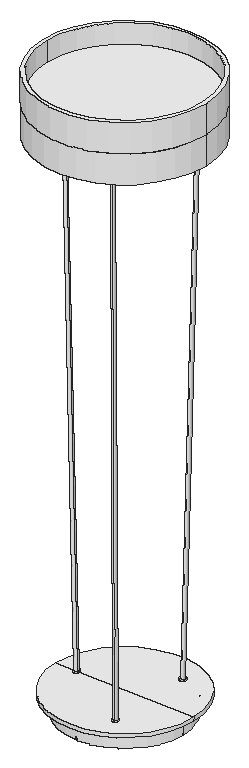
Revit family "DEEP FOCUS ROUND LIGHT", category Lighting Fixtures, host Face, Revit 2020 (continued)
Types (13): name | Wattage Comments | Wattage | Surface Mount | Photometric Web File | Order number | built-in parameter 1150142 | Model | built-in parameter 1150105 | Lumens | built-in parameter 1150106 | Fixture Diameter | Finish/Color | D2 | D1 | Apparent Load | Aircraft Cable Pendant Mount
  DFRD12-15-40901-SMK | "15 W" | 8.61709 W | yes | "DFRD12_15_XX901.IES" | "16827" | "﻿IESNA:LM-63-2002\r\n[TEST] \r\n[DATE] 2023-08-19\r\n[MANUFAC] Aboveall lighting\r\n[LUMCAT] \r\n[LUMINAIRE] DFRD12-15-XX901\r\n[LAMPCAT] \r\n[LAMP] \r\nTILT=NONE\r\n1 1353.7 0.7 91 13 1 2 0.30 0.30 0.10\r\n1 1 15.8\r\n0. 1. 2. 3. 4. 5. 6. 7. 8. 9. 10. 11. 12. 13. 14. 15. 16. 17. 18. 19. 20. 21. 22. 23. 24. 25. 26. 27. 28. 29. 30. 31. 32. 33. 34. 35. 36. 37. 38. 39. 40. 41. 42. 43. 44. 45. 46. 47. 48. 49. 50. 51. 52. 53. 54. 55. 56. 57. 58. 59. 60. 61. 62. 63. 64. 65. 66. 67. 68. 69. 70. 71. 72. 73. 74. 75. 76. 77. 78. 79. 80. 81. 82. 83. 84. 85. 86. 87. 88. 89. 90. \r\n0. 30. 60. 90. 120. 150. 180. 210. 240. 270. 300. 330. 360. \r\n711.917 711.59 709.82 709.82 706.634 705.218 703.802 700.969 697.429 695.659 691.765 689.641 684.684 679.728 676.896 671.231 665.213 658.84 655.3 648.22 644.68 636.891 628.394 624.5 615.295 611.047 601.842 597.24 587.681 577.769 572.812 562.192 557.235 546.261 534.932 529.267 517.939 511.92 499.883 494.219 481.828 469.437 462.357 449.612 436.867 430.14 417.041 403.234 396.508 383.055 369.248 362.168 348.29 334.341 327.261 313.241 306.161 292.071 277.556 270.263 255.075 247.994 234.577 219.495 212.38 198.289 191.173 177.402 170.498 156.691 143.026 136.229 122.988 116.51 103.694 77.0 77.0 72.504 60.751 54.343 43.297 32.606 27.402 17.347 8.39 4.567 0.637 0.708 0.743 0.814 0.885 \r\n711.917 711.236 710.528 709.466 709.112 707.342 705.218 703.802 700.969 699.553 694.243 689.995 689.995 685.392 680.436 677.604 675.126 669.461 663.089 656.362 653.176 646.096 642.201 634.413 626.27 618.128 613.525 604.675 599.718 590.514 580.601 575.645 565.732 560.422 549.447 537.764 532.454 520.771 515.106 497.051 491.387 485.368 472.623 466.605 453.86 447.488 434.389 414.563 408.191 401.11 394.384 380.931 366.77 358.981 345.528 331.474 324.464 310.409 296.142 274.83 274.83 260.421 253.305 238.931 224.806 217.69 203.494 196.59 182.606 168.728 161.86 148.159 140.654 127.201 120.581 107.553 88.648 88.648 76.115 70.168 58.556 47.298 41.775 31.048 20.817 15.931 7.576 4.496 0.248 0.212 0.212 \r\n711.917 711.944 711.59 711.236 710.174 709.82 708.404 707.342 705.218 702.74 700.969 697.783 694.243 692.119 687.871 682.914 680.436 675.126 669.461 666.275 659.903 653.176 649.636 646.096 638.661 630.872 622.022 617.774 608.923 604.321 595.116 585.203 580.247 570.334 565.378 554.757 549.447 538.472 526.789 521.125 509.442 503.424 491.387 479.35 472.269 459.878 447.134 440.761 427.662 414.563 407.837 394.384 387.303 373.85 360.043 346.307 339.368 325.561 318.587 304.32 290.053 282.866 267.501 260.421 246.189 239.144 225.195 211.034 204.025 189.934 183.031 169.118 162.391 148.903 135.415 128.688 115.695 102.95 102.95 84.258 72.292 66.344 54.06 48.289 46.944 27.083 16.993 12.355 2.16 0.248 0.212 \r\n711.917 711.59 710.882 709.82 709.112 707.342 704.864 703.802 700.969 697.429 695.659 691.411 687.162 684.684 679.374 674.064 671.231 665.213 662.027 655.3 648.22 644.68 636.891 632.997 624.854 620.606 611.755 602.905 597.948 588.035 583.079 573.166 562.9 557.589 546.969 541.304 530.329 518.647 512.628 500.945 488.909 482.89 470.499 458.108 451.736 438.991 425.538 419.166 405.005 391.198 384.471 371.018 364.646 350.272 343.263 329.243 315.33 308.214 294.159 287.008 272.882 258.544 251.358 237.161 230.116 215.955 201.051 194.112 180.376 173.508 159.736 146.142 139.521 126.139 113.146 106.632 76.894 76.894 75.372 63.583 52.219 46.59 35.615 30.305 20.038 10.125 6.266 0.885 0.549 0.212 0.212 \r\n711.917 712.298 712.298 711.59 710.528 709.466 708.758 706.634 705.572 702.74 701.323 697.783 693.889 692.119 689.995 685.392 680.436 674.772 671.939 665.921 662.735 656.008 648.928 645.742 641.847 634.059 625.916 617.066 612.817 603.259 594.054 589.098 579.185 569.272 563.962 553.341 548.031 536.702 525.373 519.355 507.672 495.635 489.617 477.58 471.207 458.816 445.717 439.345 425.538 419.166 405.359 391.906 385.179 371.372 364.646 350.874 344.006 329.951 315.932 308.71 294.62 280.246 272.953 258.686 244.454 237.515 223.354 208.379 201.334 187.35 173.366 166.569 152.939 146.283 132.795 119.625 113.146 100.437 100.437 81.78 69.814 63.972 52.396 46.625 35.367 30.623 20.286 10.267 1.168 0.248 0.177 \r\n711.917 712.298 711.59 710.882 709.466 707.696 706.634 704.156 702.74 699.553 697.783 693.889 689.641 687.162 682.56 680.082 674.418 668.399 665.213 658.84 655.654 645.033 641.139 637.245 624.854 620.252 616.003 606.799 597.594 592.992 583.079 573.166 567.856 557.589 546.615 540.95 529.621 523.957 512.628 506.256 488.554 482.182 475.81 463.419 457.046 443.239 430.14 423.414 410.315 403.234 389.782 382.701 368.894 355.087 341.174 327.19 320.039 312.993 291.54 284.424 277.308 262.828 247.57 240.348 226.08 211.884 204.803 183.704 183.704 169.861 155.983 142.389 135.698 128.9 115.802 102.844 90.17 77.567 77.567 65.601 59.83 42.271 36.783 31.402 16.179 16.179 7.576 1.876 0.177 0.177 0.177 \r\n711.917 713.006 713.006 713.006 712.298 711.944 710.528 709.82 708.05 705.572 704.156 701.323 699.553 696.013 691.765 689.995 684.684 679.728 676.896 671.231 668.399 662.027 655.3 648.22 644.325 636.891 628.394 624.5 624.5 611.401 602.196 592.638 587.681 577.061 572.104 561.838 556.173 545.552 533.87 528.205 516.522 510.858 498.821 486.784 480.412 468.021 461.649 448.55 435.805 429.078 415.625 402.172 395.092 380.577 366.77 359.689 345.847 332.005 324.783 310.445 303.293 296.106 274.157 266.935 252.526 245.375 231.037 216.663 209.512 202.361 188.306 173.26 159.488 152.691 138.919 132.051 118.882 112.332 105.889 86.878 80.824 68.681 56.892 51.015 46.767 29.49 24.322 14.657 4.071 0.248 0.177 \r\n711.917 711.236 711.236 710.528 710.174 708.404 706.634 705.572 703.094 700.261 698.491 694.951 691.057 688.579 684.33 679.02 676.542 670.877 667.691 661.673 654.946 654.946 644.325 639.723 631.935 623.792 619.19 610.693 606.091 601.488 587.327 582.371 572.458 567.502 556.881 551.217 540.242 528.913 523.249 511.566 498.821 493.511 480.412 468.021 461.649 455.276 435.805 429.078 415.625 409.253 395.8 381.993 374.912 361.105 347.157 340.324 326.128 326.128 304.709 290.407 283.114 267.926 260.669 246.366 239.179 224.983 210.822 203.812 189.722 182.712 168.764 155.028 148.159 134.636 121.395 114.775 102.03 89.533 83.444 76.505 58.804 53.068 46.66 31.19 25.915 16.002 11.4 3.576 0.779 0.743 0.779 \r\n711.917 711.236 710.174 709.466 708.05 705.926 704.864 702.032 700.615 697.429 695.659 691.411 684.684 684.684 679.374 673.71 670.877 664.859 658.486 654.946 647.866 640.431 636.537 628.394 620.252 615.649 606.799 602.196 592.992 583.079 577.769 567.856 562.192 551.925 540.242 534.224 522.895 517.23 499.529 499.529 487.138 474.747 468.729 455.984 449.612 436.513 423.414 416.687 402.88 389.427 382.347 367.832 353.883 346.944 332.783 318.693 311.648 297.487 283.008 275.644 261.306 254.332 239.887 225.691 218.54 204.449 197.369 183.35 176.481 162.604 147.982 141.114 127.803 121.218 108.261 77.39 77.39 76.611 70.628 58.839 47.475 41.846 31.013 20.427 15.577 6.974 0.85 0.602 0.673 0.743 0.779 \r\n711.917 711.944 711.944 711.236 710.174 709.466 707.696 706.634 704.156 702.74 699.907 696.367 694.243 689.995 687.871 683.268 678.312 675.48 669.461 666.629 660.257 657.07 649.636 642.555 634.413 630.518 630.518 612.817 608.569 599.364 589.806 584.849 574.937 564.316 559.005 548.385 542.72 531.391 525.727 514.044 502.361 495.635 483.952 477.934 465.543 452.444 445.009 432.264 425.538 412.085 405.359 391.906 377.745 371.018 357.211 343.475 336.359 322.34 307.896 300.85 286.371 272.104 264.952 250.685 235.533 228.452 214.185 207.282 193.227 179.278 172.269 165.4 151.629 138.105 124.758 118.209 105.358 105.358 86.524 80.328 68.291 56.467 50.626 47.085 33.42 22.87 13.205 4.992 0.779 0.743 0.814 \r\n711.917 711.944 710.882 709.466 708.758 706.988 704.51 703.094 699.907 696.367 694.243 689.995 687.871 683.268 677.958 675.126 669.461 666.629 659.903 653.176 649.636 642.201 634.413 630.165 625.916 617.42 608.569 603.967 594.762 589.452 579.539 569.272 563.962 553.341 542.366 536.702 525.373 513.69 507.672 495.989 483.598 477.226 464.835 452.09 445.717 432.619 425.184 411.731 398.278 391.552 377.745 370.664 356.857 349.954 335.863 321.809 314.764 300.603 293.31 278.901 264.421 257.412 235.958 235.958 220.876 206.715 199.635 185.721 171.879 164.94 151.239 137.574 130.918 117.89 104.862 77.319 77.319 73.566 67.583 55.901 50.165 38.978 28.11 22.87 12.603 8.355 1.947 0.637 0.673 0.743 0.814 \r\n711.917 712.298 711.944 711.59 710.528 709.112 708.404 705.926 703.448 702.032 698.845 695.305 693.181 688.579 686.454 681.498 676.188 673.356 667.337 660.965 657.424 650.698 647.158 639.723 635.475 627.332 618.836 614.587 609.985 601.134 591.576 581.309 575.999 565.732 560.422 549.801 538.826 533.162 521.479 509.796 503.778 491.741 479.35 473.331 460.941 447.842 441.469 428.37 414.917 414.917 393.676 386.949 373.142 366.416 352.573 338.625 331.474 317.49 310.267 296.071 281.521 274.476 260.031 252.915 238.648 231.639 217.513 203.387 196.413 182.323 174.534 160.727 147.027 133.609 126.989 113.819 101.11 101.11 82.523 70.522 64.716 53.104 47.369 36.5 25.95 25.95 10.869 3.646 0.814 0.779 0.885 \r\n711.917 711.59 709.82 709.82 706.634 705.218 703.802 700.969 697.429 695.659 691.765 689.641 684.684 679.728 676.896 671.231 665.213 658.84 655.3 648.22 644.68 636.891 628.394 624.5 615.295 611.047 601.842 597.24 587.681 577.769 572.812 562.192 557.235 546.261 534.932 529.267 517.939 511.92 499.883 494.219 481.828 469.437 462.357 449.612 436.867 430.14 417.041 403.234 396.508 383.055 369.248 362.168 348.29 334.341 327.261 313.241 306.161 292.071 277.556 270.263 255.075 247.994 234.577 219.495 212.38 198.289 191.173 177.402 170.498 156.691 143.026 136.229 122.988 116.51 103.694 77.0 77.0 72.504 60.751 54.343 43.297 32.606 27.402 17.347 8.39 4.567 0.637 0.708 0.743 0.814 0.885 \r\n" | "DFRD12-15-40901-SMK" | 101.86 (stored number, unit not read) | 1280 lm | 1.0186 (stored number, unit not read) | 0' - 11 103/128" | White-PMMA Aluminum | 0' - 4 103/256" | 0' - 5 231/256" | 18.75 VA | no
  DFRD16-20-40901-SMK | "20 W" | 11.4446 W | yes | "DFRD16_20_XX901.IES" | "16828" | "﻿IESNA:LM-63-2002\r\n[TEST] \r\n[DATE] 2019-08-21\r\n[MANUFAC] Aboveall lighting\r\n[LUMCAT] \r\n[LUMINAIRE] DFRD16-20-30901\r\n[LAMPCAT] \r\n[LAMP] 2835，3000K\r\nTILT=NONE\r\n1 1786.4 0.92 91 13 1 2 0.40 0.40 0.08\r\n1 1 20.3\r\n0. 1. 2. 3. 4. 5. 6. 7. 8. 9. 10. 11. 12. 13. 14. 15. 16. 17. 18. 19. 20. 21. 22. 23. 24. 25. 26. 27. 28. 29. 30. 31. 32. 33. 34. 35. 36. 37. 38. 39. 40. 41. 42. 43. 44. 45. 46. 47. 48. 49. 50. 51. 52. 53. 54. 55. 56. 57. 58. 59. 60. 61. 62. 63. 64. 65. 66. 67. 68. 69. 70. 71. 72. 73. 74. 75. 76. 77. 78. 79. 80. 81. 82. 83. 84. 85. 86. 87. 88. 89. 90. \r\n0. 30. 60. 90. 120. 150. 180. 210. 240. 270. 300. 330. 360. \r\n711.917 711.59 709.82 709.82 706.634 705.218 703.802 700.969 697.429 695.659 691.765 689.641 684.684 679.728 676.896 671.231 665.213 658.84 655.3 648.22 644.68 636.891 628.394 624.5 615.295 611.047 601.842 597.24 587.681 577.769 572.812 562.192 557.235 546.261 534.932 529.267 517.939 511.92 499.883 494.219 481.828 469.437 462.357 449.612 436.867 430.14 417.041 403.234 396.508 383.055 369.248 362.168 348.29 334.341 327.261 313.241 306.161 292.071 277.556 270.263 255.075 247.994 234.577 219.495 212.38 198.289 191.173 177.402 170.498 156.691 143.026 136.229 122.988 116.51 103.694 77.0 77.0 72.504 60.751 54.343 43.297 32.606 27.402 17.347 8.39 4.567 0.637 0.708 0.743 0.814 0.885 \r\n711.917 711.236 710.528 709.466 709.112 707.342 705.218 703.802 700.969 699.553 694.243 689.995 689.995 685.392 680.436 677.604 675.126 669.461 663.089 656.362 653.176 646.096 642.201 634.413 626.27 618.128 613.525 604.675 599.718 590.514 580.601 575.645 565.732 560.422 549.447 537.764 532.454 520.771 515.106 497.051 491.387 485.368 472.623 466.605 453.86 447.488 434.389 414.563 408.191 401.11 394.384 380.931 366.77 358.981 345.528 331.474 324.464 310.409 296.142 274.83 274.83 260.421 253.305 238.931 224.806 217.69 203.494 196.59 182.606 168.728 161.86 148.159 140.654 127.201 120.581 107.553 88.648 88.648 76.115 70.168 58.556 47.298 41.775 31.048 20.817 15.931 7.576 4.496 0.248 0.212 0.212 \r\n711.917 711.944 711.59 711.236 710.174 709.82 708.404 707.342 705.218 702.74 700.969 697.783 694.243 692.119 687.871 682.914 680.436 675.126 669.461 666.275 659.903 653.176 649.636 646.096 638.661 630.872 622.022 617.774 608.923 604.321 595.116 585.203 580.247 570.334 565.378 554.757 549.447 538.472 526.789 521.125 509.442 503.424 491.387 479.35 472.269 459.878 447.134 440.761 427.662 414.563 407.837 394.384 387.303 373.85 360.043 346.307 339.368 325.561 318.587 304.32 290.053 282.866 267.501 260.421 246.189 239.144 225.195 211.034 204.025 189.934 183.031 169.118 162.391 148.903 135.415 128.688 115.695 102.95 102.95 84.258 72.292 66.344 54.06 48.289 46.944 27.083 16.993 12.355 2.16 0.248 0.212 \r\n711.917 711.59 710.882 709.82 709.112 707.342 704.864 703.802 700.969 697.429 695.659 691.411 687.162 684.684 679.374 674.064 671.231 665.213 662.027 655.3 648.22 644.68 636.891 632.997 624.854 620.606 611.755 602.905 597.948 588.035 583.079 573.166 562.9 557.589 546.969 541.304 530.329 518.647 512.628 500.945 488.909 482.89 470.499 458.108 451.736 438.991 425.538 419.166 405.005 391.198 384.471 371.018 364.646 350.272 343.263 329.243 315.33 308.214 294.159 287.008 272.882 258.544 251.358 237.161 230.116 215.955 201.051 194.112 180.376 173.508 159.736 146.142 139.521 126.139 113.146 106.632 76.894 76.894 75.372 63.583 52.219 46.59 35.615 30.305 20.038 10.125 6.266 0.885 0.549 0.212 0.212 \r\n711.917 712.298 712.298 711.59 710.528 709.466 708.758 706.634 705.572 702.74 701.323 697.783 693.889 692.119 689.995 685.392 680.436 674.772 671.939 665.921 662.735 656.008 648.928 645.742 641.847 634.059 625.916 617.066 612.817 603.259 594.054 589.098 579.185 569.272 563.962 553.341 548.031 536.702 525.373 519.355 507.672 495.635 489.617 477.58 471.207 458.816 445.717 439.345 425.538 419.166 405.359 391.906 385.179 371.372 364.646 350.874 344.006 329.951 315.932 308.71 294.62 280.246 272.953 258.686 244.454 237.515 223.354 208.379 201.334 187.35 173.366 166.569 152.939 146.283 132.795 119.625 113.146 100.437 100.437 81.78 69.814 63.972 52.396 46.625 35.367 30.623 20.286 10.267 1.168 0.248 0.177 \r\n711.917 712.298 711.59 710.882 709.466 707.696 706.634 704.156 702.74 699.553 697.783 693.889 689.641 687.162 682.56 680.082 674.418 668.399 665.213 658.84 655.654 645.033 641.139 637.245 624.854 620.252 616.003 606.799 597.594 592.992 583.079 573.166 567.856 557.589 546.615 540.95 529.621 523.957 512.628 506.256 488.554 482.182 475.81 463.419 457.046 443.239 430.14 423.414 410.315 403.234 389.782 382.701 368.894 355.087 341.174 327.19 320.039 312.993 291.54 284.424 277.308 262.828 247.57 240.348 226.08 211.884 204.803 183.704 183.704 169.861 155.983 142.389 135.698 128.9 115.802 102.844 90.17 77.567 77.567 65.601 59.83 42.271 36.783 31.402 16.179 16.179 7.576 1.876 0.177 0.177 0.177 \r\n711.917 713.006 713.006 713.006 712.298 711.944 710.528 709.82 708.05 705.572 704.156 701.323 699.553 696.013 691.765 689.995 684.684 679.728 676.896 671.231 668.399 662.027 655.3 648.22 644.325 636.891 628.394 624.5 624.5 611.401 602.196 592.638 587.681 577.061 572.104 561.838 556.173 545.552 533.87 528.205 516.522 510.858 498.821 486.784 480.412 468.021 461.649 448.55 435.805 429.078 415.625 402.172 395.092 380.577 366.77 359.689 345.847 332.005 324.783 310.445 303.293 296.106 274.157 266.935 252.526 245.375 231.037 216.663 209.512 202.361 188.306 173.26 159.488 152.691 138.919 132.051 118.882 112.332 105.889 86.878 80.824 68.681 56.892 51.015 46.767 29.49 24.322 14.657 4.071 0.248 0.177 \r\n711.917 711.236 711.236 710.528 710.174 708.404 706.634 705.572 703.094 700.261 698.491 694.951 691.057 688.579 684.33 679.02 676.542 670.877 667.691 661.673 654.946 654.946 644.325 639.723 631.935 623.792 619.19 610.693 606.091 601.488 587.327 582.371 572.458 567.502 556.881 551.217 540.242 528.913 523.249 511.566 498.821 493.511 480.412 468.021 461.649 455.276 435.805 429.078 415.625 409.253 395.8 381.993 374.912 361.105 347.157 340.324 326.128 326.128 304.709 290.407 283.114 267.926 260.669 246.366 239.179 224.983 210.822 203.812 189.722 182.712 168.764 155.028 148.159 134.636 121.395 114.775 102.03 89.533 83.444 76.505 58.804 53.068 46.66 31.19 25.915 16.002 11.4 3.576 0.779 0.743 0.779 \r\n711.917 711.236 710.174 709.466 708.05 705.926 704.864 702.032 700.615 697.429 695.659 691.411 684.684 684.684 679.374 673.71 670.877 664.859 658.486 654.946 647.866 640.431 636.537 628.394 620.252 615.649 606.799 602.196 592.992 583.079 577.769 567.856 562.192 551.925 540.242 534.224 522.895 517.23 499.529 499.529 487.138 474.747 468.729 455.984 449.612 436.513 423.414 416.687 402.88 389.427 382.347 367.832 353.883 346.944 332.783 318.693 311.648 297.487 283.008 275.644 261.306 254.332 239.887 225.691 218.54 204.449 197.369 183.35 176.481 162.604 147.982 141.114 127.803 121.218 108.261 77.39 77.39 76.611 70.628 58.839 47.475 41.846 31.013 20.427 15.577 6.974 0.85 0.602 0.673 0.743 0.779 \r\n711.917 711.944 711.944 711.236 710.174 709.466 707.696 706.634 704.156 702.74 699.907 696.367 694.243 689.995 687.871 683.268 678.312 675.48 669.461 666.629 660.257 657.07 649.636 642.555 634.413 630.518 630.518 612.817 608.569 599.364 589.806 584.849 574.937 564.316 559.005 548.385 542.72 531.391 525.727 514.044 502.361 495.635 483.952 477.934 465.543 452.444 445.009 432.264 425.538 412.085 405.359 391.906 377.745 371.018 357.211 343.475 336.359 322.34 307.896 300.85 286.371 272.104 264.952 250.685 235.533 228.452 214.185 207.282 193.227 179.278 172.269 165.4 151.629 138.105 124.758 118.209 105.358 105.358 86.524 80.328 68.291 56.467 50.626 47.085 33.42 22.87 13.205 4.992 0.779 0.743 0.814 \r\n711.917 711.944 710.882 709.466 708.758 706.988 704.51 703.094 699.907 696.367 694.243 689.995 687.871 683.268 677.958 675.126 669.461 666.629 659.903 653.176 649.636 642.201 634.413 630.165 625.916 617.42 608.569 603.967 594.762 589.452 579.539 569.272 563.962 553.341 542.366 536.702 525.373 513.69 507.672 495.989 483.598 477.226 464.835 452.09 445.717 432.619 425.184 411.731 398.278 391.552 377.745 370.664 356.857 349.954 335.863 321.809 314.764 300.603 293.31 278.901 264.421 257.412 235.958 235.958 220.876 206.715 199.635 185.721 171.879 164.94 151.239 137.574 130.918 117.89 104.862 77.319 77.319 73.566 67.583 55.901 50.165 38.978 28.11 22.87 12.603 8.355 1.947 0.637 0.673 0.743 0.814 \r\n711.917 712.298 711.944 711.59 710.528 709.112 708.404 705.926 703.448 702.032 698.845 695.305 693.181 688.579 686.454 681.498 676.188 673.356 667.337 660.965 657.424 650.698 647.158 639.723 635.475 627.332 618.836 614.587 609.985 601.134 591.576 581.309 575.999 565.732 560.422 549.801 538.826 533.162 521.479 509.796 503.778 491.741 479.35 473.331 460.941 447.842 441.469 428.37 414.917 414.917 393.676 386.949 373.142 366.416 352.573 338.625 331.474 317.49 310.267 296.071 281.521 274.476 260.031 252.915 238.648 231.639 217.513 203.387 196.413 182.323 174.534 160.727 147.027 133.609 126.989 113.819 101.11 101.11 82.523 70.522 64.716 53.104 47.369 36.5 25.95 25.95 10.869 3.646 0.814 0.779 0.885 \r\n711.917 711.59 709.82 709.82 706.634 705.218 703.802 700.969 697.429 695.659 691.765 689.641 684.684 679.728 676.896 671.231 665.213 658.84 655.3 648.22 644.68 636.891 628.394 624.5 615.295 611.047 601.842 597.24 587.681 577.769 572.812 562.192 557.235 546.261 534.932 529.267 517.939 511.92 499.883 494.219 481.828 469.437 462.357 449.612 436.867 430.14 417.041 403.234 396.508 383.055 369.248 362.168 348.29 334.341 327.261 313.241 306.161 292.071 277.556 270.263 255.075 247.994 234.577 219.495 212.38 198.289 191.173 177.402 170.498 156.691 143.026 136.229 122.988 116.51 103.694 77.0 77.0 72.504 60.751 54.343 43.297 32.606 27.402 17.347 8.39 4.567 0.637 0.708 0.743 0.814 0.885 \r\n" | "DFRD16-20-40901-SMK" | 135.28 (stored number, unit not read) | 1700 lm | 1.3528 (stored number, unit not read) | 1' - 3 45/64" | White-PMMA Aluminum | 0' - 6 45/128" | 0' - 7 109/128" | 25 VA | no
